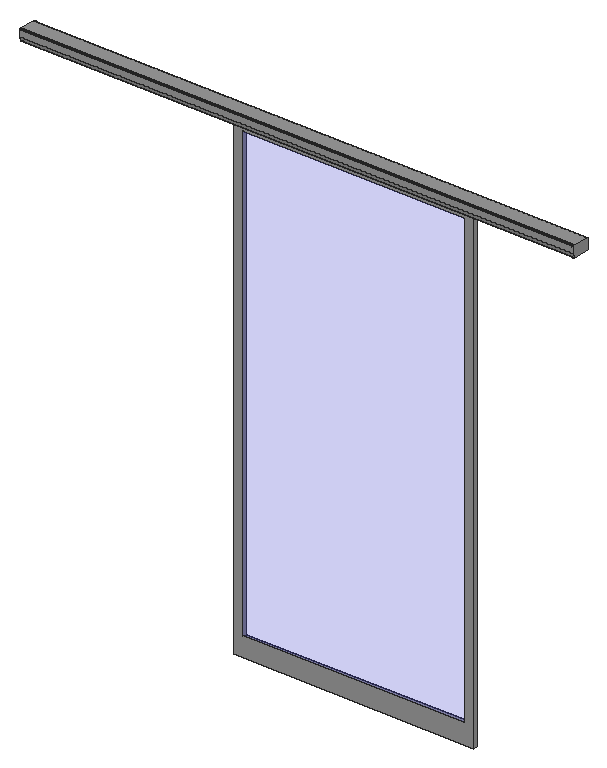
Revit family "DAS200 1AM DX", category Doors, host Wall, Revit 2019
Family settings
  Host = Wall
  OmniClass Number = 23.30.10.00
  OmniClass Title = Doors
  Always vertical = Yes
  Cut with Voids When Loaded = No
  Shared = No
  Room Calculation Point = No
Parameters
  Weight = 120.00 kg
  Velocity = 0.65 m/s
  Uniclass 2015 Name = "Automatic sliding door operator"
  Uniclass 2.0 Description = "Sliding Doorset Systems"
  Uniclass 2.0 Code = "SS_25-30-20-77"
  Uniclass 1.4 Description = "Doors"
  Uniclass 1.4 Code = "JL20"
  Unicalss 2015 Code = "Pr 73_30_23_05"
  UNSPSC Code = "301715"
  Open door [instance] = if(Open < 1 mm, 1 mm, (if(Open < Width, Open, Width)))  # 200 mm
  Open [instance] = 200 mm
  Max Width = 3240 mm  # constant formula
  Max Operator Length = 6600 mm  # constant formula
  Frame = Aluminum + Glass
  Region South America = "All"
  Region Oceania = "All"
  Region North America = "All"
  Region Middle East = "All"
  Region Europe = "All"
  Region Asia = "All"
  Region Antartica = "All"
  QR code = ""
  Protection rating = "IP20"
  Product group = "Sliding Automatic Doors"
  Product family = "Automatic Doors"
  Power supply = "100÷240 Vac @ 50/60 MHz"
  Operator = Aluminum
  Operating temperature = "-20 ° C / +50 ° C"
  OmniClass Description = "Doors"
  OmniClass Code = "23-17 11 00"
  NBS Reference Description = "Sliding Doorset Systems"
  NBS Reference Code = "25-30-20-77"
  Max nominal power = "75 W"
  Masterformat 2016 Description = "Operation and Maintenance of Sliding Glass Doors"
  Masterformat 2016 Code = "08 01 32"
  Manufacturer name = "Entrematic Italy"
  Manufacturer country = "China"
  Operator Length = Width * 2 + 300 mm  # 2300 mm
  Width = 1000 mm
  IFC Classification = "Door"
  Endurance test = "1000000 cyrcle"
  Edition number = "1"
  Drive type = "electromechanical unit"
  Dimensions = "120x185 mm"
  Design country = "Italy"
  Description = "automation for sliding doors"
  Calc Width = if(Width > 475 mm, Width, (if(Width < Max Width, Width, Max Width)))  # 1000 mm
  Calc Operator Length [instance] = if(Operator Length < Calc Width + 20 mm, Calc Width + 20 mm, (if(Operator Length < Max Operator Length, Operator Length, 5600 mm)))  # 2300 mm
  Brand url = "http://www.ditecentrematic.com/"
  Brand = "Ditec"
  BIMobject Category = "Sliding"
  Wall Closure = By host
  Auxiliary power = "0.64 A @ 24 Vdc"
  Height = 2000 mm
Reference planes
  plane 1: y = 0
  plane 2 "Centro (Sinistra/Destra)": x = 0
  plane 3 "Sinistra": x = -500
  plane 4 "Destra": x = 500
  plane 5: z = 2000
  plane 6 "Esterni": y = 75
  plane 7 "Interno": y = -75
  plane 8: x = 750
  plane 9: y = -87
  plane 10: x = 300
Lines and regions (mm)
  Opening 1
    outline origin (-3050, -75, 0) x (1, 0, 0) y (0, 0, 1)
      loop
        line (2550, 0) -> (3550, 0) -> (3550, 2000) -> (2550, 2000) -> (2550, 0)
Text (mm)
  text "Exterior" at (-2295.016, 1099.543, 0), in view "Livello rif."
  text "Exterior" at (0, 1615.38, 3698.081), in view "Sinistra"
  text "Exterior" at (0, 1036.032, 3874.932), in view "Destra"
Dimensions and locks
  equal spacing: plane 3 "Sinistra", plane 2 "Centro (Sinistra/Destra)", plane 4 "Destra"
  "Calc Width": plane 3 "Sinistra" to plane 4 "Destra"
  "Height": plane 5 to host wall
  host wall to plane 5 = 2000 mm  (x2)
  locked: plane 6 "Esterni" to host wall at 0
  locked: plane 7 "Interno" to host wall
  locked: plane 9 to plane 7 "Interno" at 12
  locked: plane 8 to plane 4 "Destra" at 250
  "Open door": plane 4 "Destra" to plane 10
  aligned and locked: plane 3 "Sinistra" to Opening 1 sketch curve
  aligned and locked: plane 5 to Opening 1 sketch curve  (x2)
  aligned and locked: Opening 1 sketch curve to plane 4 "Destra"
  aligned and locked: Opening 1 sketch curve to level
  aligned and locked: plane 1 to host wall
  aligned and locked: plane 9 to nested 1
  aligned and locked: plane 5 to nested 2
  aligned and locked: nested 2 to plane 7 "Interno"
  aligned and locked: plane 7 "Interno" to nested 3
  aligned and locked: plane 8 to nested 4
  aligned and locked: nested 4 to plane 7 "Interno"
  aligned and locked: plane 5 to nested 4
  aligned and locked: plane 9 to nested 5
  aligned and locked: plane 8 to nested 2
  aligned and locked: nested 3 to plane 8
  aligned and locked: plane 10 to nested 5
  aligned and locked: plane 10 to nested 1
Nested families
  nested 1: "Frame" at (-383.022, -112, 0), Frame <- "Operator", Glass <- "Frame", Hight <- "Height", Length <- "Calc Width", type "Frame", detail levels medium+fine
    with Length 1000 mm, Hight 2000 mm, Glass Aluminum + Glass, Frame Aluminum
  nested 2: "Operator" at (-400, -146.5, 2000), Operator Length <- "Calc Operator Length", type "Operator", detail levels coarse+medium
    with Operator Material none, Operator Length 2300 mm
  nested 3: "Family1" at (-1182.348, -140.409, 0), Operator <- "Calc Operator Length", type "Family1"
    with Operator 2300 mm
  nested 4: "Operator DETTAGLIO" at (-400, -146.5, 2000), Operator Length <- "Calc Operator Length", Operator Material <- "Operator", type "Operator DETTAGLIO", detail levels fine
    with Operator Material Aluminum, Operator Length 2300 mm
  nested 5: "Frame LOW" at (-383.022, -112, 0), Frame <- "Operator", Glass <- "Frame", Hight <- "Height", Length <- "Calc Width", type "Frame LOW", detail levels coarse
    with Length 1000 mm, Hight 2000 mm, Glass Aluminum + Glass, Frame Aluminum
Connectors
  electrical at (-400, -110.75, 2050)
    settings: on nested 2, index 1, voltage 100 V, apparent load 0 VA, apparent load phase1 0 VA, apparent load phase2 0 VA, apparent load phase3 0 VA, power factor 1, load classification "Altro", number of poles 1, system type 31, power factor state 1, is connector primary yes, connector utility no, sub classification motor no, connector description ""
Definition of nested family "Frame"
  Parameters (values of type "Frame")
    Glass [instance] = none
    Frame [instance] = none
    Length [instance] = 1000 mm
    Hight [instance] = 2000 mm
  Reference planes
    plane 1 "Centro (Fronte/Retro)": y = 0
    plane 2: z = 0
    plane 3 "Centro (Sinistra/Destra)": x = 0
    plane 4: x = 683.022
    plane 5: x = -316.978
    plane 6: x = -276.978
    plane 7: x = 643.022
    plane 8: z = 2000
    plane 9: y = 10
    plane 10: y = 25
    plane 11: z = 80
    plane 12: z = 1960
  Forms (mm)
    Extrusion 1, solid, material <- "Frame"
      sketch origin (0, 0, 0) x (1, 0, 0) y (0, 0, 1)
        loop
          line (683.022, 0) -> (683.022, 2000) -> (-316.978, 2000) -> (-316.978, 0) -> (683.022, 0)
        loop
          line (-276.978, 1960) -> (-276.978, 80) -> (643.022, 80) -> (643.022, 1960) -> (-276.978, 1960)
      from -25 to -10
    Extrusion 2, solid, material <- "Glass"
      sketch origin (0, 0, 0) x (1, 0, 0) y (0, 0, 1)
        loop
          line (643.022, 1960) -> (-276.978, 1960) -> (-276.978, 80) -> (643.022, 80) -> (643.022, 1960)
      from -25 to -10
  Lines and regions (mm)
    symbolic lines, detail levels medium+fine
      curve 1: line (683.022, 25, 0) -> (-316.978, 25, 0)
      curve 2: line (-316.978, 10, 0) -> (683.022, 10, 0)
      curve 3: line (-316.978, 25, 0) -> (-316.978, 10, 0)
      curve 4: line (-276.978, 25, 0) -> (-276.978, 10, 0)
      curve 5: line (643.022, 10, 0) -> (643.022, 25, 0)
      curve 6: line (683.022, 10, 0) -> (683.022, 25, 0)
    symbolic lines, detail levels fine
      curve 7: line (-276.978, 22.02, 0) -> (643.022, 22.02, 0)
      curve 8: line (643.022, 12.645, 0) -> (-276.978, 12.645, 0)
  Dimensions and locks
    locked: plane 7 to plane 4 at 40
    locked: plane 5 to plane 6 at 40
    plane 8 to plane 2 = 2000 mm
    plane 10 to plane 9 to plane 1 "Centro (Fronte/Retro)" = 15 mm, 10 mm
    locked: plane 12 to plane 8 at 40
    locked: plane 2 to plane 11 at 80
    "Length": plane 4 to plane 5
    "Hight": plane 8 to plane 2
    aligned and locked: level to plane 2
    aligned and locked: plane 4 to Extrusion 1 sketch curve
    aligned and locked: plane 2 to Extrusion 1 sketch curve
    aligned and locked: plane 5 to Extrusion 1 sketch curve
    aligned and locked: plane 8 to Extrusion 1 sketch curve
    aligned and locked: plane 12 to Extrusion 1 sketch curve
    aligned and locked: plane 7 to Extrusion 1 sketch curve
    aligned and locked: plane 11 to Extrusion 1 sketch curve
    aligned and locked: plane 6 to Extrusion 1 sketch curve
    aligned and locked: plane 10 to Extrusion 1
    aligned and locked: Extrusion 1 to plane 9
    aligned and locked: Extrusion 2 sketch curve to plane 12
    aligned and locked: Extrusion 2 sketch curve to plane 7
    aligned and locked: Extrusion 2 sketch curve to plane 6
    aligned and locked: Extrusion 2 sketch curve to plane 11
    aligned and locked: Extrusion 2 to plane 9
    aligned and locked: curve 1 to Extrusion 1
    aligned and locked: curve 2 to Extrusion 1
    aligned and locked: curve 3 to Extrusion 1
    aligned and locked: curve 4 to Extrusion 2
    aligned and locked: curve 5 to Extrusion 2
    aligned and locked: curve 6 to Extrusion 1
  Automatic sketch dimensions
    curve 1 to plane 5 = 0 mm
    curve 4 to plane 6 = 0 mm
    curve 8 to plane 7 = 0 mm
    curve 6 to plane 4 = 0 mm
    curve 4 to plane 9 = 0 mm
    curve 6 to plane 10 = 0 mm
    plane 9 to curve 8 = 2.645 mm
    curve 7 to curve 4 = 2.98 mm
Definition of nested family "Operator"
  Parameters (values of type "Operator")
    Operator Material [instance] = none
    Operator Length [instance] = 3000 mm
  Reference planes
    plane 1 "Centro (Fronte/Retro)": y = 0
    plane 2: z = 0
    plane 3 "Centro (Sinistra/Destra)": x = 0
    plane 4: y = 71.5
    plane 5: y = -71.5
    plane 6: x = -1500
    plane 7: x = 1500
    plane 8: z = 50
  Forms (mm)
    Extrusion 1, solid, material <- "Operator Material"
      sketch origin (0, 0, 0) x (1, 0, 0) y (0, 1, 0)
        loop
          line (-1500, 71.5) -> (-1500, 0) -> (1500, 0) -> (1500, 71.5) -> (-1500, 71.5)
      from 0 to 50
  Dimensions and locks
    equal spacing: plane 6, plane 3 "Centro (Sinistra/Destra)", plane 7
    equal spacing: plane 4, plane 1 "Centro (Fronte/Retro)", plane 5
    plane 8 to plane 2 = 50 mm
    locked: plane 4 to plane 5 at 143
    "Operator Length": plane 6 to plane 7
    aligned and locked: level to plane 2
    aligned and locked: Extrusion 1 sketch curve to plane 4
    aligned and locked: Extrusion 1 sketch curve to plane 6
    aligned and locked: Extrusion 1 sketch curve to plane 7
    aligned and locked: plane 1 "Centro (Fronte/Retro)" to Extrusion 1
    aligned and locked: plane 8 to Extrusion 1
  Automatic sketch dimensions
    plane 5 to Extrusion 1 sketch curve = 71.5 mm
Definition of nested family "Operator DETTAGLIO"
  Parameters (values of type "Operator DETTAGLIO")
    Operator Material [instance] = none
    Operator Length [instance] = 2000 mm
  Reference planes
    plane 1 "Centro (Fronte/Retro)": y = 0
    plane 2: z = 0
    plane 3 "Centro (Sinistra/Destra)": x = 0
    plane 4: y = 71.5
    plane 5: y = -71.5
    plane 6: x = -1000
    plane 7: x = 1000
    plane 8: z = 120
    plane 9: x = -280
    plane 10: x = 280
    plane 11: y = 68.044
    plane 12: x = -963.344
  Forms (mm)
    Extrusion 1, solid, material <- "Operator Material"
      sketch origin (0, 0.003, 63.383) x (0, 1, 0) y (0, 0, 1)
        loop
          arc (70.713, -63.383) -> (71.269, -63.153) -> (71.5, -62.596) r 0.787
          line (71.5, -62.596) -> (71.5, -16.533)
          arc (71.5, -16.533) -> (71.269, -15.976) -> (70.713, -15.746) r 0.787
          line (70.713, -15.746) -> (5.873, -15.746) -> (0.043, -16.57) -> (0.043, -17.946) -> (-0.941, -19.559) -> (-0.941, -44.092) -> (5.15, -62.839)
          arc (5.15, -62.839) -> (5.436, -63.233) -> (5.899, -63.383) r 0.787
          line (5.899, -63.383) -> (70.713, -63.383)
      from -1000 to 1000
  Dimensions and locks
    equal spacing: plane 6, plane 3 "Centro (Sinistra/Destra)", plane 7
    equal spacing: plane 4, plane 1 "Centro (Fronte/Retro)", plane 5
    plane 8 to plane 2 = 120 mm
    locked: plane 4 to plane 5 at 143
    "Operator Length": plane 6 to plane 7
    locked: plane 9 to plane 3 "Centro (Sinistra/Destra)" at 280
    locked: plane 3 "Centro (Sinistra/Destra)" to plane 10 at 280
    locked: plane 11 to plane 4 at 3.456
    aligned and locked: level to plane 2
    aligned and locked: plane 7 to Extrusion 1
    aligned and locked: Extrusion 1 to plane 6
    aligned and locked: plane 2 to Extrusion 1 sketch curve
  Automatic sketch dimensions
    Extrusion 1 sketch curve to plane 5 = 70.562 mm
    Extrusion 1 sketch curve to plane 5 = 71.547 mm
    Extrusion 1 sketch curve to level = 0.544 mm
    Extrusion 1 sketch curve to plane 5 = 76.654 mm
    Extrusion 1 sketch curve to Extrusion 1 sketch curve = 5.83 mm
    Extrusion 1 sketch curve to Extrusion 1 sketch curve = 0.749 mm
    plane 1 "Centro (Fronte/Retro)" to Extrusion 1 sketch curve = 70.716 mm  (x2)
    Extrusion 1 sketch curve to level = 0.787 mm
    Extrusion 1 sketch curve to level = 19.291 mm
    Extrusion 1 sketch curve to Extrusion 1 sketch curve = 24.533 mm
    Extrusion 1 sketch curve to Extrusion 1 sketch curve = 1.613 mm
    Extrusion 1 sketch curve to Extrusion 1 sketch curve = 1.377 mm
    Extrusion 1 sketch curve to Extrusion 1 sketch curve = 46.063 mm
Definition of nested family "Frame LOW"
  Parameters (values of type "Frame LOW")
    Glass [instance] = none
    Frame [instance] = none
    Length [instance] = 1000 mm
    Hight [instance] = 2000 mm
  Reference planes
    plane 1 "Centro (Fronte/Retro)": y = 0
    plane 2: z = 0
    plane 3 "Centro (Sinistra/Destra)": x = 0
    plane 4: x = 683.022
    plane 5: x = -316.978
    plane 6: x = -276.978
    plane 7: x = 643.022
    plane 8: z = 2000
    plane 9: y = 10
    plane 10: y = 25
    plane 11: z = 80
    plane 12: z = 1960
  Forms (mm)
    Extrusion 1, solid, material <- "Glass"
      sketch origin (0, 0, 0) x (1, 0, 0) y (0, 0, 1)
        loop
          line (683.022, 2000) -> (-316.978, 2000) -> (-316.978, 0) -> (683.022, 0) -> (683.022, 2000)
      from -25 to -10
  Dimensions and locks
    locked: plane 7 to plane 4 at 40
    locked: plane 5 to plane 6 at 40
    plane 8 to plane 2 = 2000 mm
    locked: plane 12 to plane 8 at 40
    locked: plane 2 to plane 11 at 80
    "Length": plane 4 to plane 5
    "Hight": plane 8 to plane 2
    plane 10 to plane 9 = 15 mm
    aligned and locked: level to plane 2
    aligned and locked: Extrusion 1 to plane 9
    aligned and locked: Extrusion 1 sketch curve to plane 5
    aligned and locked: plane 8 to Extrusion 1 sketch curve
    aligned and locked: Extrusion 1 sketch curve to plane 4
    aligned and locked: plane 2 to Extrusion 1 sketch curve
Definition of nested family "Family1"
  Parameters (values of type "Family1")
    Operator [instance] = 722.652 mm
  Reference planes
    plane 1 "Center (Front/Back)": y = 0
    plane 2: z = 0
    plane 3 "Center (Left/Right)": x = 0
    plane 4: x = -367.652
    plane 5: x = 355
    plane 6: y = 65.409
    plane 7: y = -6.591
    plane 8: y = -35.362
  Lines and regions (mm)
    detail lines, in view "Ref. Level"
      curve 1: line (-367.652, 65.409, 0) -> (355, 65.409, 0)
      curve 2: line (-367.652, -6.591, 0) -> (355, -6.591, 0)
      curve 3: line (-367.652, 65.409, 0) -> (-367.652, -6.591, 0)
      curve 4: line (355, 65.409, 0) -> (355, -6.591, 0)
  Dimensions and locks
    "Operator": plane 4 to plane 5
    plane 6 to plane 7 = 72 mm
  Automatic sketch dimensions
    curve 2 to plane 7 = 0 mm
    curve 1 to plane 6 = 0 mm
    curve 1 to plane 4 = 0 mm
    plane 5 to curve 2 = 0 mm
